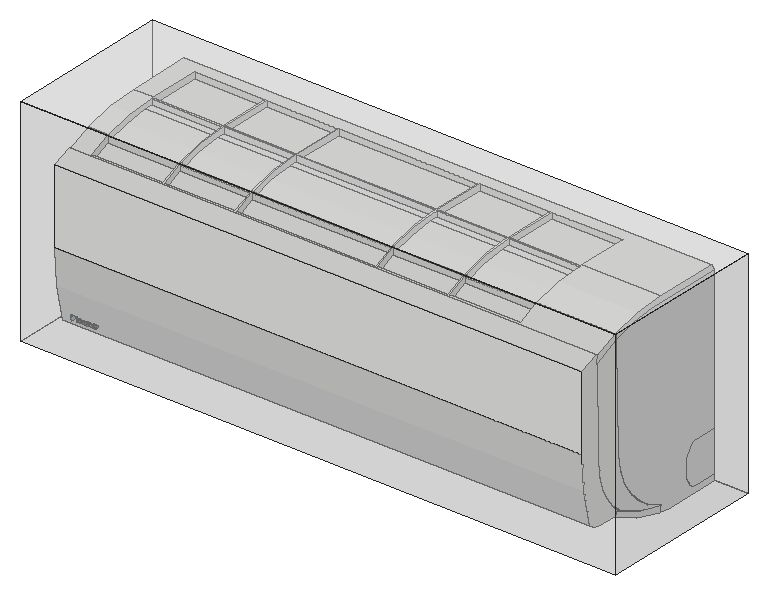
Revit family "outputfile", category 機械設備, Revit 2024
Family settings
  丸型コネクタ寸法 = 半径を使用
  パーツ タイプ = 標準
  OmniClass 番号 = 23.75.10.24.21.27.27
  OmniClass タイトル = Split System Air Conditioning Units
  作業面ベース = いいえ
  常に垂直 = はい
  ロード時にボイドで切り取り = いいえ
  注釈の向きを維持 = いいえ
  共有 = いいえ
  部屋計算ポイント = いいえ
Parameters (values of type "FTKB25XVMV")
  Description = ""
  書き出し IFC クラス(タイプ) = "IfcUnitaryEquipmentType"
  定義済み IFC タイプ(タイプ) = "AIRCONDITIONINGUNIT"
  Cost = 0
  Type Comments = ""
  Keynote = ""
  Type Image = (empty or 0)
  Assembly Code = ""
  w_wall hole = 48.0 mm  # constant formula
  製造元 = "Daikin"
  モデル = "FTKB25XVMV"
  switch_frequency = yes
  r_Liquid Pipe Size = Liquid Pipe Size / 2  # 3.2 mm
  r_Gas Pipe Size = Gas Pipe Size / 2  # 4.75 mm
  r_Drain Pipe Size = Drain Pipe Size / 2  # 8.0 mm
  lw_powersupply [instance] = if(or(Rear Right Connection_refrigerant, Bottom Right Connection_refrigerant), 30.0 mm, if(or(Rear Left Connection_refrigerant, Bottom Left Connection_refrigerant), 740.0 mm, 385.0 mm))  # 385.0 mm
  lw_liquidpipe [instance] = if(or(Rear Right Connection_refrigerant, Bottom Right Connection_refrigerant), 0.0 mm, if(or(Rear Left Connection_refrigerant, Bottom Left Connection_refrigerant), 674.0 mm, 385.0 mm))  # 385.0 mm
  lw_gaspipe [instance] = if(or(Rear Right Connection_refrigerant, Bottom Right Connection_refrigerant), 0.0 mm, if(or(Rear Left Connection_refrigerant, Bottom Left Connection_refrigerant), 674.0 mm, 345.0 mm))  # 345.0 mm
  lw_drainpipe [instance] = if(or(Rear Right Connection_refrigerant, Bottom Right Connection_refrigerant), 0.0 mm, if(or(Rear Left Connection_refrigerant, Bottom Left Connection_refrigerant), 674.0 mm, 440.0 mm))  # 440.0 mm
  l_powersupply_length [instance] = if(Right Connection_refrigerant, 385.0 mm, if(Left Connection_refrigerant, 385.0 mm, if(or(Rear Left Connection_refrigerant, Rear Right Connection_refrigerant), 15.0 mm, 50.0 mm)))  # 385.0 mm
  l_liquidpipe_length [instance] = if(Right Connection_refrigerant, 433.0 mm, if(Left Connection_refrigerant, 337.0 mm, if(or(Rear Left Connection_refrigerant, Rear Right Connection_refrigerant), 30.0 mm, 40.0 mm)))  # 433.0 mm
  l_gaspipe_length [instance] = if(Right Connection_refrigerant, 393.0 mm, if(Left Connection_refrigerant, 377.0 mm, if(or(Rear Left Connection_refrigerant, Rear Right Connection_refrigerant), 40.0 mm, 50.0 mm)))  # 393.0 mm
  l_drainpipe_length [instance] = if(Right Connection_refrigerant, 488.0 mm, if(Left Connection_refrigerant, 282.0 mm, if(or(Rear Left Connection_refrigerant, Rear Right Connection_refrigerant), 15.0 mm, 20.0 mm)))  # 488.0 mm
  h*** = 0.0 mm  # constant formula
  connector_voltage = Voltage_50Hz  # 230 V
  connector_powerinput = [Power Input (Cooling)]  # 0.000 kW
  connector_phase = Phase_50Hz  # 1
  angle_vertical [instance] = if(or(Bottom Left Connection_refrigerant, Bottom Right Connection_refrigerant), 0.00°, 90.00°)  # 90.00°
  angle_horizontal [instance] = if(Right Connection_refrigerant, 90.00°, if(Left Connection_refrigerant, -90.00°, if(or(Rear Left Connection_refrigerant, Rear Right Connection_refrigerant), 180.00°, 0.00°)))  # 90.00°
  Width = 770.0 mm
  Voltage_comment_50Hz = "220 - 240"
  Voltage_50Hz = 230 V
  Version = "ver.1.0"
  Unit Type = "Wall Mounted"
  Unit Mass Weight = 8.00 kg
  Unit Designation [instance] = ""
  Uniclass2015Version = "Products v1.30"
  Uniclass2015Title = "Split coil room air conditioning units"
  Uniclass2015Code = "Pr_70_65_03_86"
  URL = ""
  Total Cooling Capacity [instance] = 0.000 kW
  Sound Pressure Level_M speed (dBA) = 32
  Sound Pressure Level_L speed (dBA) = 27
  Sound Pressure Level_H speed (dBA) = 36
  Sound Power Level_H speed (dB) = 0
  Series = "Single Split_Fan Coil Unit"
  Sensible Cooling Capacity [instance] = 0.000 kW
  Refrigerant Type = "R32"
  Power Input (Cooling) = 0.000 kW
  Phase_50Hz = 1
  Option Accessory 3 [instance] = ""
  Option Accessory 2 [instance] = ""
  Option Accessory 1 [instance] = ""
  Nominal Cooling Capacity = 2.700 kW
  Minimum Circuit Amps_50Hz = 0.0 A
  Minimum Airflow = 426.00 m³/h
  Median Airflow = 504.00 m³/h
  Maximum Fuse Amps_50Hz = 0.0 A
  Maximum Airflow = 594.00 m³/h
  Material_Casing = DAIKIN_White_Casing_indoorunit
  Load Classification = HVAC
  Liquid Pipe Size = 6.4 mm
  Link_Nested Family [instance] = ""
  IfcVersion = ""
  IfcExportType = "AIRCONDITIONINGUNIT"
  IfcExportAs = "IfcUnitaryEquipmentType"
  Height = 285.0 mm
  Heat Exchanger Type = "Cross Fin Coil"
  Gas Pipe Size = 9.5 mm
  Frequency_50Hz = 50 Hz
  Fan Type = "Cross Flow Fan"
  Fan Drive = "Direct Drive"
  FCU Tag No. [instance] = ""
  Drain Pipe Size = 16.0 mm
  Design Supply Airflow [instance] = 0.00 m³/h
  Depth = 242.0 mm
  既定の高さ = 0.0 mm
  Cooling Entering Wet Bulb Temperature [instance] = 0.00 °C
  Cooling Entering Dry Bulb Temperature [instance] = 0.00 °C
  Cooling Ambient Wet Bulb Temperature [instance] = 0.00 °C
  Cooling Ambient Dry Bulb Temperature [instance] = 0.00 °C
  Clearance visibility [instance] = yes
  Clearance Top = 30.0 mm
  Clearance Right = 50.0 mm
  Clearance Rear = 0.0 mm
  Clearance Left = 50.0 mm
  Clearance Front = 0.0 mm
  Clearance Bottom = 0.0 mm
  Bottom Right Connection_refrigerant [instance] = no
  Bottom Left Connection_refrigerant [instance] = no
  Rear Right Connection_refrigerant [instance] = no
  Rear Left Connection_refrigerant [instance] = no
  Right Connection_refrigerant [instance] = yes
  Left Connection_refrigerant [instance] = no
Reference planes
  plane 1 "Back": y = 0
  plane 2: z = 0
  plane 3 "Center (Left/Right)": x = 0
  plane 4 "Center (Front/Back)": y = -121
  plane 5 "Front": y = -242
  plane 6 "Left": x = -385
  plane 7 "Right": x = 385
  plane 8 "Top": z = 0
  plane 9 "Bottom": z = -285
  plane 10: x = -435
  plane 11: x = 435
  plane 12: y = 0
  plane 13: y = -242
  plane 14: z = 30
  plane 15: z = -285
  plane 16 "lw_Piping and Wiring intake": x = 337
  plane 17 "lw_gaspipe": x = -8
  plane 18 "lw_liquidpipe": x = -48
  plane 19 "lw_drainpipe": x = -103
  plane 20 "lh_drainpipe": z = -265
  plane 21 "lh_liquidpipe": z = -245
  plane 22 "lh_gaspipe": z = -235
  plane 23 "ld_drainpipe": y = -15
  plane 24 "ld_liquidpipe": y = -30
  plane 25 "ld_gaspipe": y = -40
  plane 26 "lw_powersupply": x = 0
Dimensions and locks
  equal spacing: plane 6 "Left", plane 3 "Center (Left/Right)", plane 7 "Right"
  "Width": plane 6 "Left" to plane 7 "Right"
  equal spacing: plane 5 "Front", plane 4 "Center (Front/Back)", plane 1 "Back"
  "Depth": plane 5 "Front" to plane 1 "Back"
  "Height": plane 8 "Top" to plane 9 "Bottom"
  "Clearance Rear": plane 12 to plane 1 "Back"
  "Clearance Front": plane 13 to plane 5 "Front"
  "Clearance Top": plane 14 to plane 8 "Top"
  "Clearance Bottom": plane 9 "Bottom" to plane 15
  "w_wall hole": plane 16 "lw_Piping and Wiring intake" to plane 7 "Right"
  "lw_gaspipe": plane 17 "lw_gaspipe" to plane 16 "lw_Piping and Wiring intake"
  "lw_liquidpipe": plane 18 "lw_liquidpipe" to plane 16 "lw_Piping and Wiring intake"
  "lw_drainpipe": plane 19 "lw_drainpipe" to plane 16 "lw_Piping and Wiring intake"
  locked: plane 20 "lh_drainpipe" to plane 9 "Bottom" at 20
  locked: plane 21 "lh_liquidpipe" to plane 9 "Bottom" at 40
  locked: plane 22 "lh_gaspipe" to plane 9 "Bottom" at 50
  locked: plane 23 "ld_drainpipe" to plane 1 "Back" at 15
  locked: plane 1 "Back" to plane 24 "ld_liquidpipe" at 30
  locked: plane 1 "Back" to plane 25 "ld_gaspipe" at 40
  "lw_powersupply": plane 26 "lw_powersupply" to plane 7 "Right"
  "Clearance Right": plane 7 "Right" to plane 11
  "Clearance Left": plane 10 to plane 6 "Left"
  aligned and locked: level to plane 2
  aligned and locked: plane 12 to nested 1
  aligned and locked: nested 1 to plane 13
  aligned and locked: plane 10 to nested 1
  aligned and locked: plane 11 to nested 1
  aligned and locked: plane 15 to nested 1
  aligned and locked: plane 14 to nested 1
  aligned and locked: plane 17 "lw_gaspipe" to nested 2
  aligned and locked: nested 2 to plane 25 "ld_gaspipe"
  aligned and locked: plane 18 "lw_liquidpipe" to nested 3
  aligned and locked: nested 3 to plane 24 "ld_liquidpipe"
  aligned and locked: plane 19 "lw_drainpipe" to nested 4
  aligned and locked: nested 4 to plane 23 "ld_drainpipe"
  aligned and locked: nested 5 to plane 23 "ld_drainpipe"
  aligned and locked: plane 26 "lw_powersupply" to nested 5
  aligned and locked: level to plane 8 "Top"
  aligned and locked: plane 3 "Center (Left/Right)" to nested 6
  aligned and locked: plane 8 "Top" to nested 6
  aligned and locked: plane 1 "Back" to nested 6
Nested families
  nested 1: "daikin_clearancespace" at (0, -121, -127.381), show <- "Clearance visibility", visible <- "Clearance visibility", Link_Nested Family <- "Link_Nested Family", type "daikin_clearancespace"
    with width 870.0 mm, show yes, height 315.0 mm, depth 242.0 mm, Link_Nested Family ""
  nested 2: "daikin_connector_rotate3" at (-8, -40, -235), angle_vertical <- "angle_vertical", angle_horizontal <- "angle_horizontal", length <- "l_gaspipe_length", radius <- "r_Gas Pipe Size", type "daikin_connector_rotate3"
    with show no, radius 4.75 mm, length 393.0 mm, angle_vertical 90.00°, angle_horizontal 90.00°
  nested 3: "daikin_connector_rotate3" at (-48, -30, -245), angle_vertical <- "angle_vertical", angle_horizontal <- "angle_horizontal", radius <- "r_Liquid Pipe Size", length <- "l_liquidpipe_length", type "daikin_connector_rotate3"
    with show no, radius 3.2 mm, length 433.0 mm, angle_vertical 90.00°, angle_horizontal 90.00°
  nested 4: "daikin_connector_rotate3" at (-103, -15, -265), angle_vertical <- "angle_vertical", angle_horizontal <- "angle_horizontal", length <- "l_drainpipe_length", radius <- "r_Drain Pipe Size", type "daikin_connector_rotate3"
    with show no, radius 8.0 mm, length 488.0 mm, angle_vertical 90.00°, angle_horizontal 90.00°
  nested 5: "daikin_connector_rotate3" at (0, -15, -235), angle_vertical <- "angle_vertical", angle_horizontal <- "angle_horizontal", length <- "l_powersupply_length", type "daikin_connector_rotate3"
    with show no, radius 10.0 mm, length 385.0 mm, angle_vertical 90.00°, angle_horizontal 90.00°
  nested 6: "DAIKIN_indoorunit_FTKB-XVMV" at (-31, 0, 0), type "FTKB-XVMV"
Connectors
  piping at (385, -40, -235), diameter 9.5, driven by "r_Gas Pipe Size"
    settings: on nested 2, index 1, connector inside diameter 609.6 mm, connector length 0.0 mm, flow factor 0, pipe flow 0.00 m³/h, pressure drop 0.0 Pa, fitting loss kfactor 0, connector angle 0.00°, fixture units 0, engagement length 0.0 mm, angle of deflection 0.00°, flow configuration 1, flow direction 2, fitting loss method 0, system type 29, joint type 0, gender type 0, connector reference index -1, connector utility 0, adjustable connector no, is connector primary yes, connector description "Refrigerant Gas Piping"
  piping at (385, -30, -245), diameter 6.4, driven by "r_Liquid Pipe Size"
    settings: on nested 3, index 2, connector inside diameter 609.6 mm, connector length 0.0 mm, flow factor 0, pipe flow 0.00 m³/h, pressure drop 0.0 Pa, fitting loss kfactor 0, connector angle 0.00°, fixture units 0, engagement length 0.0 mm, angle of deflection 0.00°, flow configuration 1, flow direction 1, fitting loss method 0, system type 29, joint type 0, gender type 0, connector reference index -1, connector utility 0, adjustable connector no, is connector primary no, connector description "Refrigerant Liquid Piping"
  piping at (385, -15, -265), diameter 16, driven by "r_Drain Pipe Size"
    settings: on nested 4, index 3, connector inside diameter 609.6 mm, connector length 0.0 mm, flow factor 0, pipe flow 0.00 m³/h, pressure drop 0.0 Pa, fitting loss kfactor 0, connector angle 0.00°, fixture units 0, engagement length 0.0 mm, angle of deflection 0.00°, flow configuration 1, flow direction 2, fitting loss method 4, system type 16, joint type 0, gender type 0, connector reference index -1, connector utility 0, adjustable connector no, is connector primary no, connector description "Condensate Drain Piping"
  electrical at (385, -15, -235), driven by "Load Classification", driven by "connector_voltage", driven by "connector_phase", driven by "connector_powerinput"
    settings: on nested 5, index 4, voltage 230 V, apparent load 0 VA, apparent load phase1 0 VA, apparent load phase2 0 VA, apparent load phase3 0 VA, power factor 1, load classification "HVAC", number of poles 1, system type 30, power factor state 1, is connector primary yes, connector utility no, sub classification motor no, connector description "Power Supply"
Definition of nested family "daikin_clearancespace"
  Parameters (values of type "daikin_clearancespace")
    Description = "daikin_clearancespace"
    width [instance] = 1823.963 mm
    show [instance] = yes
    material = none
    height [instance] = 1359.762 mm
    depth [instance] = 880.0 mm
    Default Elevation = 0.0 mm
    Link_Nested Family [instance] = ""
  Reference planes
    plane 1 "Center (Front/Back)": y = 0
    plane 2 "Center (Elevation)": z = -0.119
    plane 3 "Center (Left/Right)": x = 0
    plane 4: y = 440
    plane 5: y = -440
    plane 6 "Right": x = 911.982
    plane 7 "Left": x = -911.982
    plane 8 "Top": z = 679.762
    plane 9 "Bottom": z = -680
  Forms (mm)
    Extrusion 1, solid, material <- "material", visible <- "show"
      sketch origin (0, 0, 0) x (1, 0, 0) y (0, 1, 0)
        loop
          line (-911.982, 440) -> (-911.982, -440) -> (911.982, -440) -> (911.982, 440) -> (-911.982, 440)
      from -680 to 679.762
  Lines and regions (mm)
    symbolic lines, visible <- "show"
      curve 1: line (911.982, 440, 0) -> (-911.982, 440, 0)
      curve 2: line (-911.982, 440, 0) -> (-911.982, -440, 0)
      curve 3: line (-911.982, -440, 0) -> (911.982, -440, 0)
      curve 4: line (911.982, -440, 0) -> (911.982, 440, 0)
      curve 5: line (911.982, 0, 679.762) -> (-911.982, 0, 679.762)
      curve 6: line (911.982, 0, -680) -> (911.982, 0, 679.762)
      curve 7: line (-911.982, 0, -680) -> (911.982, 0, -680)
      curve 8: line (-911.982, 0, 679.762) -> (-911.982, 0, -680)
      curve 9: line (0, 440, 679.762) -> (0, -440, 679.762)
      curve 10: line (0, -440, 679.762) -> (0, -440, -680)
      curve 11: line (0, 440, -680) -> (0, 440, 679.762)
      curve 12: line (0, -440, -680) -> (0, 440, -680)
  Dimensions and locks
    "width": plane 7 "Left" to plane 6 "Right"
    "depth": plane 4 to plane 5
    "height": plane 8 "Top" to plane 9 "Bottom"
    equal spacing: plane 7 "Left", plane 3 "Center (Left/Right)", plane 6 "Right"
    equal spacing: plane 4, plane 1 "Center (Front/Back)", plane 5
    equal spacing: plane 8 "Top", plane 2 "Center (Elevation)", plane 9 "Bottom"
    aligned and locked: level to plane 2 "Center (Elevation)"
    aligned and locked: Extrusion 1 sketch curve to plane 4
    aligned and locked: plane 7 "Left" to Extrusion 1 sketch curve
    aligned and locked: Extrusion 1 sketch curve to plane 5
    aligned and locked: Extrusion 1 sketch curve to plane 6 "Right"
    aligned and locked: plane 8 "Top" to Extrusion 1
    aligned and locked: curve 1 to Extrusion 1
    aligned and locked: curve 2 to Extrusion 1
    aligned and locked: curve 3 to Extrusion 1
    aligned and locked: curve 4 to Extrusion 1
    aligned and locked: curve 5 to Extrusion 1
    aligned and locked: curve 6 to Extrusion 1
    aligned and locked: curve 7 to Extrusion 1
    aligned and locked: curve 8 to Extrusion 1
    aligned and locked: curve 9 to Extrusion 1
    aligned and locked: curve 10 to Extrusion 1
    aligned and locked: curve 11 to Extrusion 1
    aligned and locked: curve 12 to Extrusion 1
    aligned and locked: Extrusion 1 to plane 9 "Bottom"
Definition of nested family "DAIKIN_indoorunit_FTKB-XVMV"
  Parameters (values of type "FTKB-XVMV")
    Width = 770.0 mm
    Material_Casing = none
    Height = 285.0 mm
    Default Elevation = 0.0 mm
  Reference planes
    plane 1 "Center (Front/Back)": y = 0
    plane 2 "reference_level": z = 0
    plane 3 "Center (Left/Right)": x = 31
    plane 4: x = -354
    plane 5: x = 416
    plane 6: y = -242
    plane 7: z = -285
  Forms (mm)
    Extrusion 1, solid, material <- "Material_Casing"
      sketch origin (31, 0, 0) x (0, 1, 0) y (0, 0, 1)
        loop
          line (-181.516, -252.416) -> (-177.432, -245.341)
          arc (-177.432, -245.341) -> (-187.602, -234.721) -> (-196.157, -222.761) r 103
          arc (-196.157, -222.761) -> (-204.858, -204.875) -> (-209.959, -185.65) r 103
          arc (-209.959, -185.65) -> (-211.672, -172.918) -> (-212.646, -160.108) r 222
          arc (-212.646, -160.108) -> (-214.738, -92.842) -> (-214.74, -25.543) r 2166.704
          line (-214.74, -25.543) -> (-242, -36.1) -> (-242, -144.253)
          arc (-242, -144.253) -> (-238.127, -195.07) -> (-226.597, -244.714) r 335.315
          arc (-226.597, -244.714) -> (-218.704, -249.531) -> (-209.718, -251.715) r 30
          arc (-209.718, -251.715) -> (-195.628, -252.481) -> (-181.516, -252.416) r 239.767
      from -385 to 385
    Extrusion 2, solid, material <- "Material_Casing"
      sketch origin (31, 0, 0) x (0, 1, 0) y (0, 0, 1)
        loop
          line (0, -8.5) -> (-113.618, -8.5)
          arc (-113.618, -8.5) -> (-146.846, -12.967) -> (-179.138, -21.983) r 242
          arc (-179.138, -21.983) -> (-179.047, -97.761) -> (-175.674, -173.465) r 1749.053
          arc (-175.674, -173.465) -> (-151.972, -235.488) -> (-97.504, -273.461) r 112.896
          line (-97.504, -273.461) -> (-97.504, -283.03)
          arc (-97.504, -283.03) -> (-89.849, -284.138) -> (-82.162, -285) r 240
          line (-82.162, -285) -> (0, -285) -> (0, -8.5)
      from -385 to 385
    Extrusion 3, solid, material <- "Material_Casing"
      sketch origin (31, 0, 0) x (0, 1, 0) y (0, 0, 1)
        loop
          arc (-98, 0) -> (-139.118, -3.405) -> (-179.116, -13.525) r 250
          arc (-179.116, -13.525) -> (-179.134, -17.754) -> (-179.138, -21.983) r 1232.815
          arc (-179.138, -21.983) -> (-146.846, -12.967) -> (-113.618, -8.5) r 242
          line (-113.618, -8.5) -> (0, -8.5) -> (-5, 0) -> (-98, 0)
      from -385 to 385
    Extrusion 4, solid, material <- "Material_Casing"
      sketch origin (31, 0, 0) x (0, 1, 0) y (0, 0, 1)
        loop
          arc (-179.116, -13.525) -> (-196.73, -20.321) -> (-213.781, -28.427) r 250
          arc (-213.781, -28.427) -> (-213.841, -32.971) -> (-213.891, -37.516) r 2163.952
          arc (-213.891, -37.516) -> (-196.821, -29.065) -> (-179.138, -21.983) r 242
          arc (-179.138, -21.983) -> (-179.134, -17.754) -> (-179.116, -13.525) r 1232.815
      from -385 to 385
    Extrusion 5, solid, material <- "Material_Casing"
      sketch origin (31, 0, 0) x (0, 1, 0) y (0, 0, 1)
        loop
          arc (-179.138, -21.983) -> (-196.821, -29.065) -> (-213.891, -37.516) r 242
          arc (-213.891, -37.516) -> (-213.638, -98.737) -> (-211.653, -159.927) r 2163.952
          arc (-211.653, -159.927) -> (-210.685, -172.747) -> (-208.973, -185.489) r 221
          arc (-208.973, -185.489) -> (-197.132, -219.133) -> (-174.432, -246.644) r 102
          arc (-174.432, -246.644) -> (-137.432, -263.767) -> (-98, -274.128) r 231.303
          line (-98, -274.128) -> (-98, -273.301)
          arc (-98, -273.301) -> (-152.132, -235.283) -> (-175.674, -173.465) r 112.896
          arc (-175.674, -173.465) -> (-179.047, -97.761) -> (-179.138, -21.983) r 1749.053
      from -385 to 385
    Extrusion 6, solid, material <- "Material_Casing"
      sketch origin (31, 0, 0) x (0, 1, 0) y (0, 0, 1)
        loop
          arc (-99, -274.668) -> (-139.156, -263.909) -> (-176.747, -246.156) r 232
          line (-176.747, -246.156) -> (-180.748, -253.084)
          arc (-180.748, -253.084) -> (-141.23, -271.668) -> (-99, -282.784) r 240
          line (-99, -282.784) -> (-99, -274.668)
      from 334 to 385
    Extrusion 7, solid, material <- "Material_Casing"
      sketch origin (31, 0, 0) x (0, 1, 0) y (0, 0, 1)
        loop
          arc (-99, -274.668) -> (-139.156, -263.909) -> (-176.747, -246.156) r 232
          line (-176.747, -246.156) -> (-180.748, -253.084)
          arc (-180.748, -253.084) -> (-141.23, -271.668) -> (-99, -282.784) r 240
          line (-99, -282.784) -> (-99, -274.668)
      from 267 to 333
    Extrusion 8, solid, material <- "Material_Casing"
      sketch origin (31, 0, 0) x (0, 1, 0) y (0, 0, 1)
        loop
          arc (-99, -274.668) -> (-139.156, -263.909) -> (-176.747, -246.156) r 232
          line (-176.747, -246.156) -> (-180.748, -253.084)
          arc (-180.748, -253.084) -> (-141.23, -271.668) -> (-99, -282.784) r 240
          line (-99, -282.784) -> (-99, -274.668)
      from -385 to -338.5
    Extrusion 9, solid, material <- "Material_Casing"
      sketch origin (31, 0, 0) x (0, 1, 0) y (0, 0, 1)
        loop
          arc (-118.787, -270.332) -> (-148.589, -260.214) -> (-176.747, -246.156) r 232
          line (-176.747, -246.156) -> (-180.748, -253.084)
          arc (-180.748, -253.084) -> (-152.638, -267.191) -> (-122.926, -277.5) r 240
          line (-122.926, -277.5) -> (-118.787, -270.332)
      from -335.5 to 264.6
    Extrusion 10, solid, material <- "Material_Casing"
      sketch origin (31, 0, 0) x (0, 1, 0) y (0, 0, 1)
        loop
          line (0, -276.246) -> (0, -216.246) -> (-30, -216.246)
          arc (-30, -216.246) -> (-44.142, -222.104) -> (-50, -236.246) r 20
          line (-50, -236.246) -> (-50, -256.246)
          arc (-50, -256.246) -> (-44.142, -270.388) -> (-30, -276.246) r 20
          line (-30, -276.246) -> (0, -276.246)
      from 380 to 385
    Extrusion 11, solid, material <- "Material_Casing"
      sketch origin (-734, 0, 0) x (0, 1, 0) y (0, 0, 1)
        loop
          line (0, -276.246) -> (0, -216.246) -> (-30, -216.246)
          arc (-30, -216.246) -> (-44.142, -222.104) -> (-50, -236.246) r 20
          line (-50, -236.246) -> (-50, -256.246)
          arc (-50, -256.246) -> (-44.142, -270.388) -> (-30, -276.246) r 20
          line (-30, -276.246) -> (0, -276.246)
      from 380 to 385
    Extrusion 12, solid, material <- "Material_Casing"
      sketch origin (4267.2, -957.059, -285) x (0, -1, 0) y (1, 0, 0)
        loop
          line (-957.059, -4610.2) -> (-927.059, -4610.2)
          arc (-927.059, -4610.2) -> (-912.917, -4604.342) -> (-907.059, -4590.2) r 20
          line (-907.059, -4590.2) -> (-907.059, -4570.2)
          arc (-907.059, -4570.2) -> (-912.917, -4556.058) -> (-927.059, -4550.2) r 20
          line (-927.059, -4550.2) -> (-957.059, -4550.2) -> (-957.059, -4610.2)
        loop
          line (-957.059, -3922.2) -> (-927.059, -3922.2)
          arc (-927.059, -3922.2) -> (-912.917, -3916.342) -> (-907.059, -3902.2) r 20
          line (-907.059, -3902.2) -> (-907.059, -3882.2)
          arc (-907.059, -3882.2) -> (-912.917, -3868.058) -> (-927.059, -3862.2) r 20
          line (-927.059, -3862.2) -> (-957.059, -3862.2) -> (-957.059, -3922.2)
      from 0 to 5
    Extrusion 13, solid, material <- "Material_Casing"
      sketch origin (0, 0, 0) x (1, 0, 0) y (0, 0, 1)
        loop
          circle (-306, -240.5) r 32.5
        loop
          circle (368, -240.5) r 32.5
      from 0 to 5
    Extrusion 14, void
      sketch origin (0, 0, 0) x (1, 0, 0) y (0, 1, 0)
        loop
          line (-324.5, -23.5) -> (-324.5, -100) -> (-221, -100) -> (-221, -23.5) -> (-324.5, -23.5)
        loop
          line (-324.5, -102) -> (-324.5, -180.5) -> (-221, -180.5) -> (-221, -102) -> (-324.5, -102)
        loop
          line (-221, -181.5) -> (-324.5, -181.5) -> (-324.5, -210) -> (-221, -210) -> (-221, -181.5)
        loop
          line (-219, -23.5) -> (-219, -100) -> (-115.5, -100) -> (-115.5, -23.5) -> (-219, -23.5)
        loop
          line (-219, -102) -> (-219, -180.5) -> (-115.5, -180.5) -> (-115.5, -102) -> (-219, -102)
        loop
          line (-115.5, -181.5) -> (-219, -181.5) -> (-219, -210) -> (-115.5, -210) -> (-115.5, -181.5)
        loop
          line (92, -23.5) -> (92, -100) -> (195.5, -100) -> (195.5, -23.5) -> (92, -23.5)
        loop
          line (92, -102) -> (92, -180.5) -> (195.5, -180.5) -> (195.5, -102) -> (92, -102)
        loop
          line (195.5, -181.5) -> (92, -181.5) -> (92, -210) -> (195.5, -210) -> (195.5, -181.5)
        loop
          line (197.5, -23.5) -> (197.5, -100) -> (301, -100) -> (301, -23.5) -> (197.5, -23.5)
        loop
          line (197.5, -102) -> (197.5, -180.5) -> (301, -180.5) -> (301, -102) -> (197.5, -102)
        loop
          line (301, -181.5) -> (197.5, -181.5) -> (197.5, -210) -> (301, -210) -> (301, -181.5)
        loop
          line (-113.5, -23.5) -> (-113.5, -100) -> (90, -100) -> (90, -23.5) -> (-113.5, -23.5)
        loop
          line (-113.5, -102) -> (-113.5, -180.5) -> (90, -180.5) -> (90, -102) -> (-113.5, -102)
        loop
          line (-113.5, -181.5) -> (-113.5, -210) -> (90, -210) -> (90, -181.5) -> (-113.5, -181.5)
      from -45.568 to 39.59
  Cuts and joins
    Extrusion 14 cuts Extrusion 4
    Extrusion 14 cuts Extrusion 3
  Dimensions and locks
    plane 4 to plane 5 = 770.0 mm
    plane 4 to plane 3 "Center (Left/Right)" to plane 5 = 385.0 mm, 385.0 mm
    plane 6 to plane 1 "Center (Front/Back)" = 242.0 mm
    level to plane 7 = 285.0 mm
    locked: Extrusion 13 sketch curve to plane 4 at 48
    locked: plane 5 to Extrusion 13 sketch curve at 48
    locked: Extrusion 13 sketch curve to plane 7 at 44.5  (x2)
    locked: nested 1 to plane 4 at 15
    radius of Extrusion 13 sketch curve = 32.5 mm  (x2)
    aligned and locked: level to plane 2 "reference_level"
  Nested families
    nested 1: "daikin_logo_plane_w40" at (-320, -229.425, -231.122) x (1, 0, 0) z (0, -0.9656, -0.2599), type "daikin_logo_plane_w40"
      with show_logo yes
  Definition of nested family "daikin_logo_plane_w40"
    Parameters (values of type "daikin_logo_plane_w40")
      width = 40.0 mm
      show_logo [instance] = yes
      material = none
      height = 0.0 mm
      depth = 0.0 mm
      Default Elevation = 1219.2 mm
    Reference planes
      plane 1 "Center (Front/Back)": y = 0
      plane 2: z = 0
      plane 3 "Center (Left/Right)": x = 0
      plane 4: z = 2
      plane 5 "left": x = -19
      plane 6: x = 19
    Forms (mm)
      Extrusion 1, solid, visible <- "show_logo"
        sketch origin (-19, 0, 0) x (1, 0, 0) y (0, 1, 0)
          loop
            line (8.902, -1.878) -> (7.789, -6.332) -> (11.13, -6.332)
            arc (11.13, -6.332) -> (12.454, -6.064) -> (13.472, -5.176) r 2.642
            arc (13.472, -5.176) -> (13.92, -4.02) -> (13.767, -2.79) r 2.537
            arc (13.767, -2.79) -> (13.452, -2.342) -> (12.982, -2.06) r 1.321
            arc (12.982, -2.06) -> (12.063, -1.902) -> (11.13, -1.878) r 6.479
            line (11.13, -1.878) -> (8.902, -1.878)
          loop
            line (10.016, -5.441) -> (10.907, -5.441)
            arc (10.907, -5.441) -> (11.591, -4.983) -> (11.988, -4.261) r 1.742
            spline (11.988, -4.261) -> (12.01, -4.155) -> (12.027, -4.03) -> (12.037, -3.893) -> (12.037, -3.747) -> (12.026, -3.598) -> (12.002, -3.451) -> (11.962, -3.31) -> (11.905, -3.181) -> (11.829, -3.069) -> (11.731, -2.978) -> (11.61, -2.913) -> (11.464, -2.88)
            line (11.464, -2.88) -> (10.573, -2.88) -> (10.016, -5.441)
          loop
            line (13.58, -6.332) -> (14.805, -6.332) -> (15.223, -5.553) -> (16.977, -5.553) -> (17.144, -6.332) -> (19.149, -6.332) -> (18.258, -1.878) -> (16.03, -1.878) -> (13.58, -6.332)
          loop
            line (16.476, -3.214) -> (15.76, -4.551) -> (16.762, -4.551) -> (16.476, -3.214)
          loop
            line (19.705, -6.332) -> (21.599, -6.332) -> (22.712, -1.878) -> (20.819, -1.878) -> (19.705, -6.332)
          loop
            line (22.712, -6.332) -> (24.606, -6.332) -> (24.908, -5.122) -> (25.831, -6.332) -> (28.17, -6.332) -> (26.388, -3.994) -> (28.949, -1.878) -> (26.945, -1.878) -> (25.401, -3.153) -> (25.719, -1.878) -> (23.826, -1.878) -> (22.712, -6.332)
          loop
            line (29.84, -1.878) -> (28.615, -6.332) -> (30.62, -6.332) -> (31.734, -1.878) -> (29.84, -1.878)
          loop
            line (31.734, -6.332) -> (33.07, -6.332) -> (33.7, -3.814) -> (34.518, -6.332) -> (36.745, -6.332) -> (37.859, -1.878) -> (36.523, -1.878) -> (35.845, -4.589) -> (34.963, -1.878) -> (32.847, -1.878) -> (31.734, -6.332)
        from 0 to 2
      Extrusion 2, solid, visible <- "show_logo"
        sketch origin (-19, 0, 0) x (1, 0, 0) y (0, 1, 0)
          loop
            line (8.7, 0) -> (4.235, 0) -> (0, -3.879) -> (0, -8) -> (8.7, 0)
        from 0 to 2
      Extrusion 3, solid, visible <- "show_logo"
        sketch origin (-19, 0, 0) x (1, 0, 0) y (0, 1, 0)
          loop
            line (0, 0) -> (0, -3.879) -> (4.235, 0) -> (0, 0)
        from 0 to 2
    Dimensions and locks
      plane 4 to plane 2 = 2.0 mm
      equal spacing: plane 5 "left", plane 3 "Center (Left/Right)", plane 6
      locked: plane 5 "left" to plane 6 at 38
      aligned and locked: level to plane 2
      aligned and locked: Extrusion 3 to plane 1 "Center (Front/Back)"  (x2)
      aligned and locked: Extrusion 2 to plane 1 "Center (Front/Back)"  (x2)
      aligned and locked: plane 4 to Extrusion 1
      aligned and locked: plane 4 to Extrusion 3
      aligned and locked: plane 4 to Extrusion 2
      aligned and locked: Extrusion 3 to plane 5 "left"
      aligned and locked: Extrusion 2 to plane 5 "left"
    Automatic sketch dimensions
      Extrusion 1 sketch curve to Extrusion 1 sketch curve = 0.901 mm
      Extrusion 1 sketch curve to Extrusion 1 sketch curve = 1.559 mm
      Extrusion 1 sketch curve to Extrusion 1 sketch curve = 1.327 mm
      Extrusion 1 sketch curve to Extrusion 1 sketch curve = 2.145 mm
      Extrusion 1 sketch curve to Extrusion 1 sketch curve = 1.448 mm
      Extrusion 1 sketch curve to Extrusion 1 sketch curve = 2.116 mm
      Extrusion 1 sketch curve to Extrusion 1 sketch curve = 1.114 mm  (x4)
      Extrusion 1 sketch curve to Extrusion 1 sketch curve = 1.336 mm  (x2)
      plane 1 "Center (Front/Back)" to Extrusion 1 sketch curve = 1.878 mm  (x5)
      Extrusion 1 sketch curve to Extrusion 1 sketch curve = 1.893 mm  (x5)
      Extrusion 1 sketch curve to Extrusion 1 sketch curve = 0.891 mm  (x4)
      Extrusion 1 sketch curve to Extrusion 1 sketch curve = 2.005 mm  (x3)
      Extrusion 1 sketch curve to Extrusion 1 sketch curve = 0.445 mm  (x2)
      plane 1 "Center (Front/Back)" to Extrusion 1 sketch curve = 3.994 mm
      Extrusion 1 sketch curve to Extrusion 1 sketch curve = 0.557 mm  (x2)
      Extrusion 1 sketch curve to Extrusion 1 sketch curve = 2.339 mm  (x2)
      Extrusion 1 sketch curve to Extrusion 1 sketch curve = 1.225 mm  (x3)
      plane 1 "Center (Front/Back)" to Extrusion 1 sketch curve = 3.153 mm
      Extrusion 1 sketch curve to Extrusion 1 sketch curve = 0.987 mm
      plane 1 "Center (Front/Back)" to Extrusion 1 sketch curve = 5.122 mm
      Extrusion 1 sketch curve to Extrusion 1 sketch curve = 0.922 mm
      plane 1 "Center (Front/Back)" to Extrusion 1 sketch curve = 6.332 mm
      Extrusion 1 sketch curve to Extrusion 1 sketch curve = 2.562 mm
      plane 1 "Center (Front/Back)" to Extrusion 1 sketch curve = 5.553 mm
      Extrusion 1 sketch curve to Extrusion 1 sketch curve = 0.167 mm
      Extrusion 1 sketch curve to Extrusion 1 sketch curve = 0.215 mm
      plane 1 "Center (Front/Back)" to Extrusion 1 sketch curve = 3.214 mm
      Extrusion 1 sketch curve to Extrusion 1 sketch curve = 0.286 mm
      plane 1 "Center (Front/Back)" to Extrusion 1 sketch curve = 4.551 mm
      Extrusion 1 sketch curve to Extrusion 1 sketch curve = 1.002 mm
      Extrusion 1 sketch curve to Extrusion 1 sketch curve = 0.537 mm
      Extrusion 1 sketch curve to Extrusion 1 sketch curve = 0.418 mm
      Extrusion 1 sketch curve to Extrusion 1 sketch curve = 1.028 mm
      plane 1 "Center (Front/Back)" to Extrusion 1 sketch curve = 4.261 mm
      Extrusion 1 sketch curve to Extrusion 1 sketch curve = 0.563 mm
      plane 1 "Center (Front/Back)" to Extrusion 1 sketch curve = 2.88 mm
      Extrusion 1 sketch curve to Extrusion 1 sketch curve = 1.088 mm
      Extrusion 1 sketch curve to Extrusion 1 sketch curve = 2.152 mm
      Extrusion 1 sketch curve to Extrusion 1 sketch curve = 0.586 mm
      Extrusion 1 sketch curve to Extrusion 1 sketch curve = 0.118 mm
      Extrusion 1 sketch curve to Extrusion 1 sketch curve = 0.298 mm
      Extrusion 1 sketch curve to Extrusion 1 sketch curve = 0.334 mm
      Extrusion 1 sketch curve to Extrusion 1 sketch curve = 0.223 mm
      Extrusion 1 sketch curve to Extrusion 1 sketch curve = 0.266 mm
      Extrusion 1 sketch curve to Extrusion 1 sketch curve = 1.671 mm
      Extrusion 1 sketch curve to Extrusion 1 sketch curve = 2.227 mm
      Extrusion 1 sketch curve to Extrusion 1 sketch curve = 0.0 mm  (x7)
      Extrusion 1 sketch curve to Extrusion 1 sketch curve = 3.453 mm
      Extrusion 1 sketch curve to Extrusion 1 sketch curve = 2.017 mm
      Extrusion 1 sketch curve to Extrusion 1 sketch curve = 0.78 mm  (x2)
      Extrusion 1 sketch curve to Extrusion 1 sketch curve = 1.743 mm
      Extrusion 1 sketch curve to Extrusion 1 sketch curve = 0.775 mm
      Extrusion 1 sketch curve to Extrusion 1 sketch curve = 0.552 mm
      Extrusion 1 sketch curve to Extrusion 1 sketch curve = 0.014 mm
      Extrusion 1 sketch curve to Extrusion 1 sketch curve = 0.952 mm
      Extrusion 1 sketch curve to Extrusion 1 sketch curve = 1.215 mm
      Extrusion 1 sketch curve to Extrusion 1 sketch curve = 0.108 mm
      plane 1 "Center (Front/Back)" to Extrusion 2 sketch curve = 0.0 mm
      Extrusion 2 sketch curve to plane 3 "Center (Left/Right)" = 19.0 mm
      Extrusion 2 sketch curve to plane 3 "Center (Left/Right)" = 14.765 mm
      Extrusion 2 sketch curve to Extrusion 2 sketch curve = 4.465 mm
      plane 1 "Center (Front/Back)" to Extrusion 2 sketch curve = 3.879 mm
      Extrusion 2 sketch curve to Extrusion 2 sketch curve = 4.12 mm
      plane 1 "Center (Front/Back)" to Extrusion 3 sketch curve = 0.0 mm
      Extrusion 3 sketch curve to plane 3 "Center (Left/Right)" = 19.0 mm
      Extrusion 3 sketch curve to plane 3 "Center (Left/Right)" = 14.765 mm
      plane 1 "Center (Front/Back)" to Extrusion 3 sketch curve = 3.879 mm
      Extrusion 1 sketch curve to plane 3 "Center (Left/Right)" = 11.211 mm
      Extrusion 1 sketch curve to Extrusion 1 sketch curve = 1.782 mm
Definition of nested family "daikin_connector_rotate3"
  Parameters (values of type "daikin_connector_rotate3")
    show [instance] = yes
    radius [instance] = 10.0 mm
    length [instance] = 600.0 mm
    angle_horizontal [instance] = 60.00°
    angle_vertical [instance] = 90.00°
    Default Elevation = 1219.2 mm
  Reference planes
    plane 1 "Center (Front/Back)": y = 0
    plane 2: z = 0
    plane 3 "Center (Left/Right)": x = 0
  Dimensions and locks
    "angle_horizontal": angle plane 3 "Center (Left/Right)" to nested 1
    aligned and locked: level to plane 2
    aligned and locked: plane 1 "Center (Front/Back)" to nested 1  (x2)
    aligned and locked: plane 3 "Center (Left/Right)" to nested 1
  Nested families
    nested 1: "daikin_connector_rotate2" at (0, 0, 0) x (0.5, 0.866, 0) z (0, 0, 1), angle_vertical <- "angle_vertical", length <- "length", radius <- "radius", type "daikin_connector_rotate2"
      with radius 10.0 mm, length 600.0 mm, angle_vertical 90.00°
  Definition of nested family "daikin_connector_rotate2"
    Parameters (values of type "daikin_connector_rotate2")
      show_face = yes
      radius [instance] = 10.0 mm
      length [instance] = 600.0 mm
      d_surface = 10.0 mm
      angle_vertical [instance] = 90.00°
      Default Elevation = 0.0 mm
    Reference planes
      plane 1 "Center (Front/Back)": y = 0
      plane 2: z = 0
      plane 3 "Center (Left/Right)": x = 0
    Forms (mm)
      Extrusion 1, solid, visible <- "show_face"
        sketch origin (0, -600, 0) x (1, 0, 0) y (0, 0, 1)
          loop
            circle (0, 0) r 10
        from 0 to -10
    Lines and regions (mm)
      reference lines
        curve 1: line (0, 0, 0) -> (0, -600, 0)
      symbolic lines
        curve 2: circle (0, 0, 0) r 5 normal (0, 0, 1)
      model lines, visible <- "show_face"
        curve 3: line (0, 0, 0) -> (0, -600, 0)
    Dimensions and locks
      "length": curve 1 to curve 1
      "length": curve 3 to curve 3
      "d_surface": Extrusion 1 to Extrusion 1
      "radius": radius of Extrusion 1 sketch curve
      "angle_vertical": angle curve 1 to plane 1 "Center (Front/Back)"
      "angle_vertical": angle curve 3 to plane 1 "Center (Front/Back)"
      aligned and locked: level to plane 2
      aligned and locked: plane 1 "Center (Front/Back)" to curve 1
      aligned and locked: plane 2 to curve 1
      aligned and locked: plane 1 "Center (Front/Back)" to curve 2
      aligned and locked: plane 3 "Center (Left/Right)" to curve 2
      aligned and locked: plane 1 "Center (Front/Back)" to curve 3
      aligned and locked: plane 2 to curve 3
      aligned and locked: Extrusion 1 to Extrusion 1
    Automatic sketch dimensions
      Extrusion 1 sketch curve to level = 0.0 mm
      Extrusion 1 sketch curve to plane 3 "Center (Left/Right)" = 0.0 mm
      radius of curve 2 = 5.0 mm
